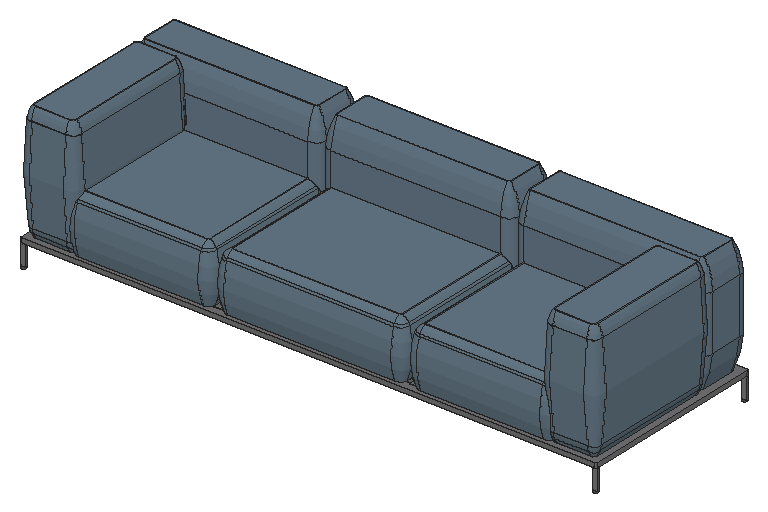
Revit family "Haworth_Mex-Hi_Sofa_Wide_TwoArms", category Furniture, Revit 2018
Family settings
  OmniClass Number = 23.40.70.14.64.21
  OmniClass Title = Systems Furniture
  Work Plane-Based = No
  Always vertical = Yes
  Cut with Voids When Loaded = No
  Shared = No
  Room Calculation Point = No
Parameters (values of type "Three Seat Sofa")
  Warranty = "http://www.haworth.com/resources/product-info/warranties"
  URL - Product = "https://www.haworth.com/na/en/products/lounge-sofas/ottomans/mex-hi-seating.html"
  URL = "https://www.haworth.com/na/en/about/brands/haworth-collection.html"
  Two Seats Wide = no
  Trim Finish = Haworth _ Polymer _ Black
  Three Seats Wide = not(Two Seats Wide)  # yes
  Sustainability Info = "https://www.haworth.com/na/en/expertise/sustainability.html"
  Size = "Verify Final Dim. w/ Haworth"  # constant formula
  Seat Upholstery Finish [instance] = Haworth _ Leather _ Scozia _ Oceano ES-342
  Revision Number = "1"  # constant formula
  Model = "HCCSMHL"  # constant formula
  Manufacturer = "Haworth"  # constant formula
  Description = "Haworth - Cassina - Mex-Hi - Sofa - With Two Arms - Wide Three Seat"
  Base Finish [instance] = Haworth _ Paint _ Matte Anthracite 69-ANT
  Back Upholstery Finish [instance] = Haworth _ Leather _ Scozia _ Oceano ES-342
  Author = "Haworth (Abd Rahman)"  # constant formula
  Assembly Code = "E2020200"
  Arm Finish [instance] = Haworth _ Leather _ Scozia _ Oceano ES-342
  Actual Width = if(Two Seats Wide, 86.60", 106.30")  # 106.30"
  Actual Height = 28.30"  # constant formula
  Actual Depth = 35.50"  # constant formula
Reference planes (in)
  plane 1: z = 0
  plane 2 "Center L/R": x = -6.11989
  plane 3 "Center F/B": y = -11.5
  plane 4 "Top": z = 28.3
  plane 5 "Back": y = 6.25
  plane 6 "Front": y = -29.25
  plane 7 "Right": x = 47.03011
  plane 8 "Left": x = -59.26989
  plane 9: x = -23.83656
  plane 10: x = 11.59677
  plane 11: z = 4.88189
Dimensions and locks (in)
  equal spacing: plane 8 "Left", plane 2 "Center L/R", plane 7 "Right"
  "Actual Width": plane 8 "Left" to plane 7 "Right"
  equal spacing: plane 5 "Back", plane 3 "Center F/B", plane 6 "Front"
  "Actual Depth": plane 5 "Back" to plane 6 "Front"
  "Actual Height": plane 4 "Top" to plane 1
  equal spacing: plane 8 "Left", plane 9, plane 10, plane 7 "Right"
  aligned and locked: nested 2 to plane 5 "Back"
  aligned and locked: plane 2 "Center L/R" to nested 9
  aligned and locked: plane 3 "Center F/B" to nested 9
  aligned and locked: plane 2 "Center L/R" to nested 1
  aligned and locked: plane 7 "Right" to nested 2
  aligned and locked: plane 8 "Left" to nested 3
  aligned and locked: nested 4 to plane 2 "Center L/R"
  aligned and locked: plane 7 "Right" to nested 6
  aligned and locked: plane 8 "Left" to nested 7
  aligned and locked: plane 2 "Center L/R" to nested 11
  aligned and locked: plane 2 "Center L/R" to nested 10
  aligned and locked: plane 7 "Right" to nested 12
  aligned and locked: plane 8 "Left" to nested 13
  aligned and locked: plane 5 "Back" to nested 13
  aligned and locked: nested 12 to plane 5 "Back"
  aligned and locked: plane 9 to nested 8
  aligned and locked: plane 10 to nested 5
  aligned and locked: nested 9 to plane 11
  aligned and locked: nested 3 to plane 11
  aligned and locked: nested 13 to plane 11
  aligned and locked: nested 4 to plane 11
  aligned and locked: plane 11 to nested 12
  aligned and locked: plane 11 to nested 2
  aligned and locked: nested 7 to plane 11
  aligned and locked: plane 11 to nested 8
  aligned and locked: plane 11 to nested 10
  aligned and locked: plane 11 to nested 1
  aligned and locked: plane 11 to nested 11
  aligned and locked: plane 11 to nested 5
  aligned and locked: plane 11 to nested 6
Nested families (in)
  nested 1: "Haworth_Mex-Hi_Sofa_Seat-Wide-PART" at (0, -3.81934, 0), Seat Upholstery Finish <- "Seat Upholstery Finish", visible <- "Three Seats Wide", type "Seat Wide - PART - Middle - Small"
    with Seat Upholstery Finish Haworth _ Leather _ Scozia _ Oceano ES-342, Peninsula Seat no, Middle Large Seat no
  nested 2: "Haworth_Mex-Hi_Sofa_Back-Wide-PART" at (35.78887, 9.90612, -0.04956), Back Upholstery Finish <- "Back Upholstery Finish", visible <- "Three Seats Wide", type "Back Wide - PART - Small"
    with Back Upholstery Finish Haworth _ Leather _ Scozia _ Oceano ES-342, Extra Small no
  nested 3: "Haworth_Mex-Hi_Sofa_Back-Wide-PART" at (-48.02865, 9.90612, -0.04956) x (-1, 0, 0) z (0, 0, 1), Back Upholstery Finish <- "Back Upholstery Finish", visible <- "Three Seats Wide", type "Back Wide - PART - Small"
    with Back Upholstery Finish Haworth _ Leather _ Scozia _ Oceano ES-342, Extra Small no
  nested 4: "Haworth_Mex-Hi_Sofa_Back-Wide-PART" at (-12.59365, 9.90612, -0.04956) x (-1, 0, 0) z (0, 0, 1), Back Upholstery Finish <- "Back Upholstery Finish", visible <- "Three Seats Wide", type "Back Wide - PART - Small"
    with Back Upholstery Finish Haworth _ Leather _ Scozia _ Oceano ES-342, Extra Small no
  nested 5: "Haworth_Mex-Hi_Sofa_Seat-Wide-PART" at (31.39794, -3.81836, 0), Seat Upholstery Finish <- "Seat Upholstery Finish", visible <- "Three Seats Wide", type "Seat Wide - PART - L/R"
    with Seat Upholstery Finish Haworth _ Leather _ Scozia _ Oceano ES-342, Peninsula Seat no, Middle Small Seat no, Middle Large Seat no, L/R Seat yes
  nested 6: "Haworth_Mex-Hi_Sofa_Arm-Wide-PART" at (48.59704, -6.3526, -0.04956), Arm Finish <- "Arm Finish", type "Arm Wide - PART"
    with Arm Finish Haworth _ Leather _ Scozia _ Oceano ES-342
  nested 7: "Haworth_Mex-Hi_Sofa_Arm-Wide-PART" at (-60.83683, -6.3526, -0.04956) x (-1, 0, 0) z (0, 0, 1), Arm Finish <- "Arm Finish", type "Arm Wide - PART"
    with Arm Finish Haworth _ Leather _ Scozia _ Oceano ES-342
  nested 8: "Haworth_Mex-Hi_Sofa_Seat-Wide-PART" at (-31.39794, -3.81836, 0), Seat Upholstery Finish <- "Seat Upholstery Finish", visible <- "Three Seats Wide", type "Seat Wide - PART - L/R"
    with Seat Upholstery Finish Haworth _ Leather _ Scozia _ Oceano ES-342, Peninsula Seat no, Middle Small Seat no, Middle Large Seat no, L/R Seat yes
  nested 9: "Haworth_Mex-Hi_Sofa_Base-PART" at (0, 0, 0), Base Finish <- "Base Finish", type "Base - PART"
    with Base Finish Haworth _ Paint _ Matte Anthracite 69-ANT, Two Seats no
  nested 10: "Haworth_Mex-Hi_Sofa_Seat-Wide-PART" at (-17.84961, -3.81836, 0), visible <- "Two Seats Wide", Seat Upholstery Finish <- "Seat Upholstery Finish", type "Seat Wide - PART - Middle - Small"
    with Seat Upholstery Finish Haworth _ Leather _ Scozia _ Oceano ES-342, Peninsula Seat no, Middle Large Seat no
  nested 11: "Haworth_Mex-Hi_Sofa_Seat-Wide-PART" at (17.84961, -3.81836, 0), visible <- "Two Seats Wide", Seat Upholstery Finish <- "Seat Upholstery Finish", type "Seat Wide - PART - Middle - Small"
    with Seat Upholstery Finish Haworth _ Leather _ Scozia _ Oceano ES-342, Peninsula Seat no, Middle Large Seat no
  nested 12: "Haworth_Mex-Hi_Sofa_Back-Wide-PART" at (35.78887, 9.90612, -0.04956), visible <- "Two Seats Wide", Back Upholstery Finish <- "Back Upholstery Finish", type "Back Wide - PART - Large"
    with Back Upholstery Finish Haworth _ Leather _ Scozia _ Oceano ES-342, Extra Small no
  nested 13: "Haworth_Mex-Hi_Sofa_Back-Wide-PART" at (-48.02865, 9.90612, -0.04956) x (-1, 0, 0) z (0, 0, 1), visible <- "Two Seats Wide", Back Upholstery Finish <- "Back Upholstery Finish", type "Back Wide - PART - Large"
    with Back Upholstery Finish Haworth _ Leather _ Scozia _ Oceano ES-342, Extra Small no
Definition of nested family "Haworth_Mex-Hi_Sofa_Seat-Wide-PART"
  Parameters (values of type "Seat Wide - PART")
    Warranty = "http://www.haworth.com/resources/product-info/warranties"
    URL - Product = "https://www.haworth.com/na/en/products/lounge-sofas/ottomans/mex-hi-seating.html"
    URL = "https://www.haworth.com/na/en/about/brands/haworth-collection.html"
    Sustainability Info = "https://www.haworth.com/na/en/expertise/sustainability.html"
    Size = "Verify Final Dim. w/ Haworth"  # constant formula
    Seat Upholstery Finish [instance] = none
    Seat Height = 17.00"  # constant formula
    Revision Number = "1"  # constant formula
    Peninsula Seat = yes
    Model = "Haworth - Cassina - Mex-Hi"  # constant formula
    Middle Small Seat = yes
    Middle Large Seat = yes
    Manufacturer = "Haworth"  # constant formula
    L/R Seat = no
    Description = "Haworth - Cassina - Mex-Hi - Seat - Wide - PART"  # constant formula
    Author = "Haworth (Abd Rahman)"  # constant formula
    Assembly Code = "E2020200"
    Actual Width = 35.69922"  # constant formula
    Actual Height = 27.39844"  # constant formula
    Actual Depth = 28.80078"  # constant formula
  Reference planes (in)
    plane 1: z = 0
    plane 2 "Center L/R": x = -6.11989
    plane 3 "Center F/B": y = -11.5
    plane 4 "Top": z = 27.39844
    plane 5 "Back": y = 2.90039
    plane 6 "Front": y = -25.90039
    plane 7 "Right": x = 11.72972
    plane 8 "Left": x = -23.9695
    plane 9: z = 17
    plane 10: x = 21.18638
    plane 11: x = -30.55117
    plane 12: x = -28.42172
    plane 13: x = 16.11448
    plane 14: x = -19.80117
    plane 15: x = 7.56138
  Forms (in)
    Extrusion 1, solid, material <- "Seat Upholstery Finish", visible <- "Middle Small Seat"
      sketch origin (4.78944, 14.72405, 0) x (1, 0, 0) y (0, 1, 0)
        loop
          arc (4.64853, -14.53597) -> (4.58765, -14.38899) -> (4.44067, -14.32811) r 0.20787
          line (4.44067, -14.32811) -> (-26.25933, -14.32811)
          arc (-26.25933, -14.32811) -> (-26.40632, -14.38899) -> (-26.4672, -14.53597) r 0.20787
          line (-26.4672, -14.53597) -> (-26.4672, -37.69252)
          arc (-26.4672, -37.69252) -> (-26.40632, -37.83951) -> (-26.25933, -37.90039) r 0.20787
          line (-26.25933, -37.90039) -> (4.44067, -37.90039)
          arc (4.44067, -37.90039) -> (4.58765, -37.83951) -> (4.64853, -37.69252) r 0.20787
          line (4.64853, -37.69252) -> (4.64853, -14.53597)
      from 4.88189 to 15.36974
    Sweep 2, solid, material <- "Seat Upholstery Finish", visible <- "Middle Small Seat"
      path origin (4.78944, 14.72405, 0) x (1, 0, 0) y (0, 1, 0)
        loop
          arc (4.44067, -39.44252) -> (5.6781, -38.92996) -> (6.19067, -37.69252) r 1.75
          line (6.19067, -37.69252) -> (6.19067, -14.53597)
          arc (6.19067, -14.53597) -> (5.6781, -13.29854) -> (4.44067, -12.78597) r 1.75
          line (4.44067, -12.78597) -> (-26.25933, -12.78597)
          arc (-26.25933, -12.78597) -> (-27.49677, -13.29854) -> (-28.00933, -14.53597) r 1.75
          line (-28.00933, -14.53597) -> (-28.00933, -37.69252)
          arc (-28.00933, -37.69252) -> (-27.49677, -38.92996) -> (-26.25933, -39.44252) r 1.75
          line (-26.25933, -39.44252) -> (4.44067, -39.44252)
      profile origin (-6.11989, -24.71848, 0) x (0, -1, 0) y (0, 0, 1)
        loop
          arc (-0.11034, 13.92822) -> (-0.19803, 14.13034) -> (-0.31579, 14.31655) r 1.42697
          arc (-0.31579, 14.31655) -> (-0.8708, 14.91087) -> (-1.54213, 15.36974) r 3.70331
          line (-1.54213, 15.36974) -> (-1.54213, 4.88189) -> (-0.41268, 4.88189)
          arc (-0.41268, 4.88189) -> (0.57441, 9.37712) -> (-0.11034, 13.92822) r 12.66244
    Extrusion 3, solid, material <- "Seat Upholstery Finish", visible <- "L/R Seat"
      sketch origin (4.35194, 14.72405, 0) x (1, 0, 0) y (0, 1, 0)
        loop
          arc (0.87817, -37.90039) -> (1.02515, -37.83951) -> (1.08603, -37.69252) r 0.20787
          line (1.08603, -37.69252) -> (1.08603, -14.53597)
          arc (1.08603, -14.53597) -> (1.02515, -14.38899) -> (0.87817, -14.32811) r 0.20787
          line (0.87817, -14.32811) -> (-21.82183, -14.32811)
          arc (-21.82183, -14.32811) -> (-21.96882, -14.38899) -> (-22.0297, -14.53597) r 0.20787
          line (-22.0297, -14.53597) -> (-22.0297, -37.69252)
          arc (-22.0297, -37.69252) -> (-21.96882, -37.83951) -> (-21.82183, -37.90039) r 0.20787
          line (-21.82183, -37.90039) -> (0.87817, -37.90039)
      from 4.88189 to 15.36974
    Sweep 4, solid, material <- "Seat Upholstery Finish", visible <- "L/R Seat"
      path origin (4.35194, 14.72405, 0) x (1, 0, 0) y (0, 1, 0)
        loop
          arc (0.87817, -39.44252) -> (2.1156, -38.92996) -> (2.62817, -37.69252) r 1.75
          line (2.62817, -37.69252) -> (2.62817, -14.53597)
          arc (2.62817, -14.53597) -> (2.1156, -13.29854) -> (0.87817, -12.78597) r 1.75
          line (0.87817, -12.78597) -> (-21.82183, -12.78597)
          arc (-21.82183, -12.78597) -> (-23.05927, -13.29854) -> (-23.57183, -14.53597) r 1.75
          line (-23.57183, -14.53597) -> (-23.57183, -37.69252)
          arc (-23.57183, -37.69252) -> (-23.05927, -38.92996) -> (-21.82183, -39.44252) r 1.75
          line (-21.82183, -39.44252) -> (0.87817, -39.44252)
      profile origin (-6.11989, -24.71848, 0) x (0, -1, 0) y (0, 0, 1)
        loop
          arc (-0.11034, 13.92822) -> (-0.19803, 14.13034) -> (-0.31579, 14.31655) r 1.42697
          arc (-0.31579, 14.31655) -> (-0.8708, 14.91087) -> (-1.54213, 15.36974) r 3.70331
          line (-1.54213, 15.36974) -> (-1.54213, 4.88189) -> (-0.41268, 4.88189)
          arc (-0.41268, 4.88189) -> (0.57441, 9.37712) -> (-0.11034, 13.92822) r 12.66244
    Sweep 5, solid, material <- "Seat Upholstery Finish", visible <- "Peninsula Seat"
      path origin (4.53944, 14.72405, 0) x (1, 0, 0) y (0, 1, 0)
        loop
          arc (14.30963, -39.44252) -> (15.54706, -38.92996) -> (16.05963, -37.69252) r 1.75
          line (16.05963, -37.69252) -> (16.05963, -6.28597)
          arc (16.05963, -6.28597) -> (15.54706, -5.04854) -> (14.30963, -4.53597) r 1.75
          line (14.30963, -4.53597) -> (2.57093, -4.53597)
          arc (2.57093, -4.53597) -> (1.33349, -5.04854) -> (0.82093, -6.28597) r 1.75
          line (0.82093, -6.28597) -> (0.82093, -15.03597) -> (-32.75329, -15.03597)
          arc (-32.75329, -15.03597) -> (-33.99073, -15.54854) -> (-34.50329, -16.78597) r 1.75
          line (-34.50329, -16.78597) -> (-34.50329, -37.69252)
          arc (-34.50329, -37.69252) -> (-33.99073, -38.92996) -> (-32.75329, -39.44252) r 1.75
          line (-32.75329, -39.44252) -> (14.30963, -39.44252)
      profile origin (-4.68239, -24.71848, 0) x (0, -1, 0) y (0, 0, 1)
        loop
          arc (-0.11034, 13.92822) -> (-0.19803, 14.13034) -> (-0.31579, 14.31655) r 1.42697
          arc (-0.31579, 14.31655) -> (-0.8708, 14.91087) -> (-1.54213, 15.36974) r 3.70331
          line (-1.54213, 15.36974) -> (-1.54213, 4.88189) -> (-0.41268, 4.88189)
          arc (-0.41268, 4.88189) -> (0.57441, 9.37712) -> (-0.11034, 13.92822) r 12.66244
    Extrusion 6, solid, material <- "Seat Upholstery Finish", visible <- "Peninsula Seat"
      sketch origin (0, 0, 0) x (1, 0, 0) y (0, 1, 0)
        loop
          arc (-28.42172, -22.96848) -> (-28.36084, -23.11546) -> (-28.21385, -23.17634) r 0.20787
          line (-28.21385, -23.17634) -> (18.84907, -23.17634)
          arc (18.84907, -23.17634) -> (18.99605, -23.11546) -> (19.05693, -22.96848) r 0.20787
          line (19.05693, -22.96848) -> (19.05693, 8.43807)
          arc (19.05693, 8.43807) -> (18.99605, 8.58506) -> (18.84907, 8.64594) r 0.20787
          line (18.84907, 8.64594) -> (7.11037, 8.64594)
          arc (7.11037, 8.64594) -> (6.96338, 8.58506) -> (6.9025, 8.43807) r 0.20787
          line (6.9025, 8.43807) -> (6.9025, -1.85406) -> (-28.21385, -1.85406)
          arc (-28.21385, -1.85406) -> (-28.36084, -1.91494) -> (-28.42172, -2.06193) r 0.20787
          line (-28.42172, -2.06193) -> (-28.42172, -22.96848)
      from 4.88189 to 15.36974
    Sweep 7, solid, material <- "Seat Upholstery Finish", visible <- "Middle Large Seat"
      path origin (4.78944, 14.72405, 0) x (1, 0, 0) y (0, 1, 0)
        loop
          arc (8.99067, -39.44252) -> (10.2281, -38.92996) -> (10.74067, -37.69252) r 1.75
          line (10.74067, -37.69252) -> (10.74067, -14.53597)
          arc (10.74067, -14.53597) -> (10.2281, -13.29854) -> (8.99067, -12.78597) r 1.75
          line (8.99067, -12.78597) -> (-30.80933, -12.78597)
          arc (-30.80933, -12.78597) -> (-32.04677, -13.29854) -> (-32.55933, -14.53597) r 1.75
          line (-32.55933, -14.53597) -> (-32.55933, -37.69252)
          arc (-32.55933, -37.69252) -> (-32.04677, -38.92996) -> (-30.80933, -39.44252) r 1.75
          line (-30.80933, -39.44252) -> (8.99067, -39.44252)
      profile origin (-6.11989, -24.71848, 0) x (0, -1, 0) y (0, 0, 1)
        loop
          arc (-0.11034, 13.92822) -> (-0.19803, 14.13034) -> (-0.31579, 14.31655) r 1.42697
          arc (-0.31579, 14.31655) -> (-0.8708, 14.91087) -> (-1.54213, 15.36974) r 3.70331
          line (-1.54213, 15.36974) -> (-1.54213, 4.88189) -> (-0.41268, 4.88189)
          arc (-0.41268, 4.88189) -> (0.57441, 9.37712) -> (-0.11034, 13.92822) r 12.66244
    Extrusion 8, solid, material <- "Seat Upholstery Finish", visible <- "Middle Large Seat"
      sketch origin (4.78944, 14.97405, 0) x (1, 0, 0) y (0, 1, 0)
        loop
          arc (9.19853, -14.53597) -> (9.13765, -14.38899) -> (8.99067, -14.32811) r 0.20787
          line (8.99067, -14.32811) -> (-30.80933, -14.32811)
          arc (-30.80933, -14.32811) -> (-30.95632, -14.38899) -> (-31.0172, -14.53597) r 0.20787
          line (-31.0172, -14.53597) -> (-31.0172, -37.69252)
          arc (-31.0172, -37.69252) -> (-30.95632, -37.83951) -> (-30.80933, -37.90039) r 0.20787
          line (-30.80933, -37.90039) -> (8.99067, -37.90039)
          arc (8.99067, -37.90039) -> (9.13765, -37.83951) -> (9.19853, -37.69252) r 0.20787
          line (9.19853, -37.69252) -> (9.19853, -14.53597)
      from 4.88189 to 15.36974
  Lines and regions (in)
    Masking region 1, visible <- "Middle Small Seat"
      outline origin (0, 0, 0) x (1, 0, 0) y (0, 1, 0)
        loop
          line (-23.80117, 0.15039) -> (-23.80117, -22.93079)
          arc (-23.80117, -22.93079) -> (-23.06894, -24.69856) -> (-21.30117, -25.43079) r 2.5
          line (-21.30117, -25.43079) -> (9.06138, -25.43079)
          arc (9.06138, -25.43079) -> (10.82915, -24.69856) -> (11.56138, -22.93079) r 2.5
          line (11.56138, -22.93079) -> (11.56138, 0.15039)
          arc (11.56138, 0.15039) -> (10.82915, 1.91816) -> (9.06138, 2.65039) r 2.5
          line (9.06138, 2.65039) -> (-21.30117, 2.65039)
          arc (-21.30117, 2.65039) -> (-23.06894, 1.91816) -> (-23.80117, 0.15039) r 2.5
    Masking region 2, visible <- "L/R Seat"
      outline origin (0, 0, 0) x (1, 0, 0) y (0, 1, 0)
        loop
          line (-19.80117, 0.15039) -> (-19.80117, -22.93079)
          arc (-19.80117, -22.93079) -> (-19.06894, -24.69856) -> (-17.30117, -25.43079) r 2.5
          line (-17.30117, -25.43079) -> (5.06138, -25.43079)
          arc (5.06138, -25.43079) -> (6.82915, -24.69856) -> (7.56138, -22.93079) r 2.5
          line (7.56138, -22.93079) -> (7.56138, 0.15039)
          arc (7.56138, 0.15039) -> (6.82915, 1.91816) -> (5.06138, 2.65039) r 2.5
          line (5.06138, 2.65039) -> (-17.30117, 2.65039)
          arc (-17.30117, 2.65039) -> (-19.06894, 1.91816) -> (-19.80117, 0.15039) r 2.5
    Masking region 3, visible <- "Peninsula Seat"
      outline origin (0, 0, 0) x (1, 0, 0) y (0, 1, 0)
        loop
          line (4.77305, 0.27539) -> (-28.30117, 0.27539)
          arc (-28.30117, 0.27539) -> (-29.89216, -0.38362) -> (-30.55117, -1.97461) r 2.25
          line (-30.55117, -1.97461) -> (-30.55117, -23.05579)
          arc (-30.55117, -23.05579) -> (-29.89216, -24.64678) -> (-28.30117, -25.30579) r 2.25
          line (-28.30117, -25.30579) -> (18.93638, -25.30579)
          arc (18.93638, -25.30579) -> (20.52737, -24.64678) -> (21.18638, -23.05579) r 2.25
          line (21.18638, -23.05579) -> (21.18638, 8.52539)
          arc (21.18638, 8.52539) -> (20.52737, 10.11638) -> (18.93638, 10.77539) r 2.25
          line (18.93638, 10.77539) -> (7.02305, 10.77539)
          arc (7.02305, 10.77539) -> (5.43206, 10.11638) -> (4.77305, 8.52539) r 2.25
          line (4.77305, 8.52539) -> (4.77305, 0.27539)
    Masking region 4, visible <- "Middle Large Seat"
      outline origin (0, 0, 0) x (1, 0, 0) y (0, 1, 0)
        loop
          line (-28.42172, 0.15039) -> (-28.42172, -22.93079)
          arc (-28.42172, -22.93079) -> (-27.68949, -24.69856) -> (-25.92172, -25.43079) r 2.5
          line (-25.92172, -25.43079) -> (13.61448, -25.43079)
          arc (13.61448, -25.43079) -> (15.38225, -24.69856) -> (16.11448, -22.93079) r 2.5
          line (16.11448, -22.93079) -> (16.11448, 0.15039)
          arc (16.11448, 0.15039) -> (15.38225, 1.91816) -> (13.61448, 2.65039) r 2.5
          line (13.61448, 2.65039) -> (-25.92172, 2.65039)
          arc (-25.92172, 2.65039) -> (-27.68949, 1.91816) -> (-28.42172, 0.15039) r 2.5
  Dimensions and locks (in)
    equal spacing: plane 8 "Left", plane 2 "Center L/R", plane 7 "Right"
    "Actual Width": plane 8 "Left" to plane 7 "Right"
    equal spacing: plane 5 "Back", plane 3 "Center F/B", plane 6 "Front"
    "Actual Depth": plane 5 "Back" to plane 6 "Front"
    "Actual Height": plane 4 "Top" to plane 1
    "Seat Height": plane 9 to level
    aligned and locked: Sweep 7 to Extrusion 8 sketch curve
    aligned and locked: Extrusion 8 sketch curve to Sweep 7
  Automatic sketch dimensions
    plane 8 "Left" to Extrusion 1 sketch curve = 2.29174"
    Extrusion 1 sketch curve to Extrusion 1 sketch curve = 0.20787"  (x3)
    Extrusion 1 sketch curve to plane 7 "Right" = 2.49961"  (x2)
    plane 6 "Front" to Extrusion 1 sketch curve = 2.72405"
    Extrusion 1 sketch curve to plane 5 "Back" = 2.71232"
    plane 8 "Left" to Sweep 2 sketch curve = 0.74961"
    Sweep 2 sketch curve to plane 5 "Back" = 0.96232"
    Sweep 2 sketch curve to Sweep 2 sketch curve = 1.75"  (x2)
    plane 6 "Front" to Sweep 2 sketch curve = 1.18191"
    Sweep 2 sketch curve to plane 7 "Right" = 2.49961"  (x2)
    Sweep 2 sketch curve to plane 7 "Right" = 0.74961"
    profile plane to Sweep 2 sketch curve = 12.08096"
    profile plane to Sweep 2 sketch curve = 3.28358"
    profile plane to Sweep 2 sketch curve = 1.54213"
    profile plane to Sweep 2 sketch curve = 1.45935"
    profile plane to Sweep 2 sketch curve = 0.41268"
    level to Sweep 2 sketch curve = 4.88189"
    level to Sweep 2 sketch curve = 9.80008"
    Sweep 2 sketch curve to Sweep 2 sketch curve = 7.21954"
    Sweep 2 sketch curve to Sweep 2 sketch curve = 1.36158"
    Sweep 2 sketch curve to Sweep 2 sketch curve = 1.90673"
    Sweep 2 sketch curve to Sweep 2 sketch curve = 0.00"
    plane 6 "Front" to Extrusion 3 sketch curve = 2.93191"  (x2)
    plane 8 "Left" to Extrusion 3 sketch curve = 6.29174"
    Extrusion 3 sketch curve to Extrusion 3 sketch curve = 0.20787"  (x2)
    Extrusion 3 sketch curve to plane 5 "Back" = 2.71232"
    Extrusion 3 sketch curve to plane 7 "Right" = 6.49961"  (x2)
    plane 8 "Left" to Sweep 4 sketch curve = 4.74961"
    Sweep 4 sketch curve to plane 5 "Back" = 0.96232"
    Sweep 4 sketch curve to Sweep 4 sketch curve = 1.75"  (x3)
    plane 6 "Front" to Sweep 4 sketch curve = 1.18191"
    plane 6 "Front" to Sweep 4 sketch curve = 2.93191"
    Sweep 4 sketch curve to plane 7 "Right" = 6.49961"
    profile plane to Sweep 4 sketch curve = 12.08096"
    profile plane to Sweep 4 sketch curve = 3.28358"
    profile plane to Sweep 4 sketch curve = 1.54213"
    profile plane to Sweep 4 sketch curve = 1.45935"
    profile plane to Sweep 4 sketch curve = 0.41268"
    level to Sweep 4 sketch curve = 4.88189"
    level to Sweep 4 sketch curve = 9.80008"
    Sweep 4 sketch curve to Sweep 4 sketch curve = 7.21954"
    Sweep 4 sketch curve to Sweep 4 sketch curve = 1.36158"
    Sweep 4 sketch curve to Sweep 4 sketch curve = 1.90673"
    Sweep 4 sketch curve to Sweep 4 sketch curve = 0.00"
    plane 8 "Left" to Masking region 1 sketch curve = 0.16833"
    plane 6 "Front" to Masking region 1 sketch curve = 0.4696"
    plane 8 "Left" to Masking region 1 sketch curve = 2.66833"
    Masking region 1 sketch curve to Masking region 1 sketch curve = 2.50"
    Masking region 1 sketch curve to plane 5 "Back" = 0.25"
    Masking region 1 sketch curve to plane 7 "Right" = 2.66833"  (x2)
    Masking region 1 sketch curve to plane 7 "Right" = 0.16833"
    plane 8 "Left" to Masking region 2 sketch curve = 4.16833"
    Masking region 2 sketch curve to Masking region 2 sketch curve = 2.50"  (x3)
    Masking region 2 sketch curve to plane 5 "Back" = 0.25"
    Masking region 2 sketch curve to plane 7 "Right" = 6.66833"  (x2)
    plane 6 "Front" to Masking region 2 sketch curve = 0.4696"
    Sweep 5 sketch curve to plane 8 "Left" = 5.99435"
    Sweep 5 sketch curve to Sweep 5 sketch curve = 1.75"  (x4)
    Sweep 5 sketch curve to plane 7 "Right" = 6.36935"
    plane 7 "Right" to Sweep 5 sketch curve = 7.11935"  (x2)
    plane 6 "Front" to Sweep 5 sketch curve = 2.93191"
    Sweep 5 sketch curve to plane 5 "Back" = 4.96232"
    plane 5 "Back" to Sweep 5 sketch curve = 5.53768"
    profile plane to Sweep 5 sketch curve = 12.08096"
    profile plane to Sweep 5 sketch curve = 3.28358"
    profile plane to Sweep 5 sketch curve = 1.54213"
    profile plane to Sweep 5 sketch curve = 1.45935"
    profile plane to Sweep 5 sketch curve = 0.41268"
    level to Sweep 5 sketch curve = 4.88189"
    level to Sweep 5 sketch curve = 9.80008"
    Sweep 5 sketch curve to Sweep 5 sketch curve = 7.21954"
    Sweep 5 sketch curve to Sweep 5 sketch curve = 1.36158"
    Sweep 5 sketch curve to Sweep 5 sketch curve = 1.90673"
    Sweep 5 sketch curve to Sweep 5 sketch curve = 0.00"
    Extrusion 6 sketch curve to plane 8 "Left" = 4.45222"
    Extrusion 6 sketch curve to Extrusion 6 sketch curve = 0.20787"  (x4)
    Extrusion 6 sketch curve to plane 7 "Right" = 4.82722"
    plane 6 "Front" to Extrusion 6 sketch curve = 2.72405"
    plane 7 "Right" to Extrusion 6 sketch curve = 7.11935"  (x2)
    Extrusion 6 sketch curve to plane 5 "Back" = 4.96232"
    plane 5 "Back" to Extrusion 6 sketch curve = 5.53768"
    Masking region 3 sketch curve to plane 8 "Left" = 6.58167"
    plane 6 "Front" to Masking region 3 sketch curve = 0.5946"
    Masking region 3 sketch curve to Masking region 3 sketch curve = 2.25"  (x4)
    Masking region 3 sketch curve to plane 5 "Back" = 2.625"
    Masking region 3 sketch curve to plane 7 "Right" = 6.95667"
    plane 7 "Right" to Masking region 3 sketch curve = 7.20667"  (x2)
    plane 5 "Back" to Masking region 3 sketch curve = 5.625"
    Sweep 7 sketch curve to plane 8 "Left" = 3.80039"
    Sweep 7 sketch curve to plane 5 "Back" = 0.96232"
    Sweep 7 sketch curve to plane 8 "Left" = 2.05039"  (x2)
    plane 6 "Front" to Sweep 7 sketch curve = 1.18191"
    plane 7 "Right" to Sweep 7 sketch curve = 2.05039"  (x2)
    Sweep 7 sketch curve to Sweep 7 sketch curve = 1.75"
    profile plane to Sweep 7 sketch curve = 12.08096"
    profile plane to Sweep 7 sketch curve = 3.28358"
    profile plane to Sweep 7 sketch curve = 1.54213"
    profile plane to Sweep 7 sketch curve = 1.45935"
    profile plane to Sweep 7 sketch curve = 0.41268"
    level to Sweep 7 sketch curve = 4.88189"
    level to Sweep 7 sketch curve = 9.80008"
    Sweep 7 sketch curve to Sweep 7 sketch curve = 7.21954"
    Sweep 7 sketch curve to Sweep 7 sketch curve = 1.36158"
    Sweep 7 sketch curve to Sweep 7 sketch curve = 1.90673"
    Sweep 7 sketch curve to Sweep 7 sketch curve = 0.00"
    Extrusion 8 sketch curve to Extrusion 8 sketch curve = 0.20787"  (x4)
    plane 6 "Front" to Extrusion 8 sketch curve = 2.97405"
    Extrusion 8 sketch curve to plane 5 "Back" = 2.46232"
    Masking region 4 sketch curve to plane 5 "Back" = 2.75"
    Masking region 4 sketch curve to plane 8 "Left" = 4.45222"
    plane 6 "Front" to Masking region 4 sketch curve = 0.4696"
    Masking region 4 sketch curve to plane 8 "Left" = 1.95222"  (x2)
    plane 7 "Right" to Masking region 4 sketch curve = 1.88477"  (x2)
    Masking region 4 sketch curve to Masking region 4 sketch curve = 2.50"
Definition of nested family "Haworth_Mex-Hi_Sofa_Back-Wide-PART"
  Parameters (values of type "Back Wide - PART - Small")
    Warranty = "http://www.haworth.com/resources/product-info/warranties"
    URL - Product = "https://www.haworth.com/na/en/products/lounge-sofas/ottomans/mex-hi-seating.html"
    URL = "https://www.haworth.com/na/en/about/brands/haworth-collection.html"
    Sustainability Info = "https://www.haworth.com/na/en/expertise/sustainability.html"
    Small = yes
    Size = "Verify Final Dim. w/ Haworth"  # constant formula
    Seat Height = 17.00"  # constant formula
    Revision Number = "1"  # constant formula
    Model = "Haworth - Cassina - Mex-Hi"  # constant formula
    Manufacturer = "Haworth"  # constant formula
    Large = no
    Extra Small = yes
    Description = "Haworth - Cassina - Mex-Hi - Back - Wide - PART"  # constant formula
    Back Upholstery Finish [instance] = none
    Author = "Haworth (Abd Rahman)"  # constant formula
    Assembly Code = "E2020200"
    Actual Width = 35.43"  # constant formula
    Actual Height = 27.39844"  # constant formula
    Actual Depth = 10.60"  # constant formula
  Types (2): name | Small | Large
    Back Wide - PART - Small | yes | no
    Back Wide - PART - Large | no | yes
  Reference planes (in)
    plane 1: z = 0
    plane 2 "Top": z = 27.39844
    plane 3: z = 17
    plane 4 "Right": x = 11.24124
    plane 5 "Left": x = -24.18876
    plane 6 "Center (Left/Right)": x = -6.47376
    plane 7 "Back": y = -3.65612
    plane 8 "Front": y = -14.25612
    plane 9 "Center (Front/Back)": y = -8.95612
    plane 10: x = -20.15376
    plane 11: x = 7.20624
  Forms (in)
    Extrusion 1, solid, material <- "Back Upholstery Finish", visible <- "Small"
      sketch origin (0, 0.1875, 0) x (1, 0, 0) y (0, 1, 0)
        loop
          line (-22.40055, -6.01823) -> (-22.40055, -12.26715)
          arc (-22.40055, -12.26715) -> (-22.28726, -12.54067) -> (-22.01374, -12.65397) r 0.38681
          line (-22.01374, -12.65397) -> (9.07786, -12.65397)
          arc (9.07786, -12.65397) -> (9.35138, -12.54067) -> (9.46468, -12.26715) r 0.38681
          line (9.46468, -12.26715) -> (9.46468, -6.01823)
          arc (9.46468, -6.01823) -> (9.35138, -5.74471) -> (9.07786, -5.63141) r 0.38681
          line (9.07786, -5.63141) -> (-22.01374, -5.63141)
          arc (-22.01374, -5.63141) -> (-22.28726, -5.74471) -> (-22.40055, -6.01823) r 0.38681
      from 4.93145 to 26.69365
    Sweep 2, solid, material <- "Back Upholstery Finish", visible <- "Small"
      path origin (0, 0.1875, 0) x (1, 0, 0) y (0, 1, 0)
        loop
          arc (-22.01374, -5.51823) -> (-22.36729, -5.66467) -> (-22.51374, -6.01823) r 0.5
          line (-22.51374, -6.01823) -> (-22.51374, -12.26715)
          arc (-22.51374, -12.26715) -> (-22.36729, -12.62071) -> (-22.01374, -12.76715) r 0.5
          line (-22.01374, -12.76715) -> (9.07786, -12.76715)
          arc (9.07786, -12.76715) -> (9.43142, -12.62071) -> (9.57786, -12.26715) r 0.5
          line (9.57786, -12.26715) -> (9.57786, -6.01823)
          arc (9.57786, -6.01823) -> (9.43142, -5.66467) -> (9.07786, -5.51823) r 0.5
          line (9.07786, -5.51823) -> (-22.01374, -5.51823)
      profile origin (-6.46794, -5.33073, 0) x (0, 1, 0) y (0, 0, 1)
        loop
          arc (1.49021, 21.44568) -> (0.98441, 24.16007) -> (-0.11319, 26.69365) r 12.32019
          line (-0.11319, 26.69365) -> (-0.11319, 4.93145)
          arc (-0.11319, 4.93145) -> (0.96903, 7.99176) -> (1.49021, 11.19568) r 18.19442
          arc (1.49021, 11.19568) -> (1.67463, 16.32068) -> (1.49021, 21.44568) r 71.30597
    Sweep 3, solid, material <- "Back Upholstery Finish", visible <- "Large"
      path origin (0, 0.1875, 0) x (1, 0, 0) y (0, 1, 0)
        loop
          arc (-29.78736, -5.63141) -> (-30.14092, -5.77786) -> (-30.28736, -6.13141) r 0.5
          line (-30.28736, -6.13141) -> (-30.28736, -12.15397)
          arc (-30.28736, -12.15397) -> (-30.14092, -12.50752) -> (-29.78736, -12.65397) r 0.5
          line (-29.78736, -12.65397) -> (8.96468, -12.65397)
          arc (8.96468, -12.65397) -> (9.31823, -12.50752) -> (9.46468, -12.15397) r 0.5
          line (9.46468, -12.15397) -> (9.46468, -6.13141)
          arc (9.46468, -6.13141) -> (9.31823, -5.77786) -> (8.96468, -5.63141) r 0.5
          line (8.96468, -5.63141) -> (-29.78736, -5.63141)
      profile origin (-10.41134, -5.44391, 0) x (0, 1, 0) y (0, 0, 1)
        loop
          arc (1.49021, 21.44568) -> (0.98441, 24.16007) -> (-0.11319, 26.69365) r 12.32019
          line (-0.11319, 26.69365) -> (-0.11319, 4.93145)
          arc (-0.11319, 4.93145) -> (0.96903, 7.99176) -> (1.49021, 11.19568) r 18.19442
          arc (1.49021, 11.19568) -> (1.67463, 16.32068) -> (1.49021, 21.44568) r 71.30597
    Extrusion 4, solid, material <- "Back Upholstery Finish", visible <- "Large"
      sketch origin (0, 0.1875, 0) x (1, 0, 0) y (0, 1, 0)
        loop
          line (-30.17418, -6.13141) -> (-30.17418, -12.15397)
          arc (-30.17418, -12.15397) -> (-30.06088, -12.42749) -> (-29.78736, -12.54078) r 0.38681
          line (-29.78736, -12.54078) -> (8.96468, -12.54078)
          arc (8.96468, -12.54078) -> (9.2382, -12.42749) -> (9.35149, -12.15397) r 0.38681
          line (9.35149, -12.15397) -> (9.35149, -6.13141)
          arc (9.35149, -6.13141) -> (9.2382, -5.85789) -> (8.96468, -5.7446) r 0.38681
          line (8.96468, -5.7446) -> (-29.78736, -5.7446)
          arc (-29.78736, -5.7446) -> (-30.06088, -5.85789) -> (-30.17418, -6.13141) r 0.38681
      from 4.93145 to 26.69365
    Sweep 5, solid, material <- "Back Upholstery Finish", visible <- "Extra Small"
      path origin (0, 0.1875, 0) x (1, 0, 0) y (0, 1, 0)
        loop
          arc (-17.90376, -5.51823) -> (-18.25731, -5.66467) -> (-18.40376, -6.01823) r 0.5
          line (-18.40376, -6.01823) -> (-18.40376, -12.26715)
          arc (-18.40376, -12.26715) -> (-18.25731, -12.62071) -> (-17.90376, -12.76715) r 0.5
          line (-17.90376, -12.76715) -> (4.95624, -12.76715)
          arc (4.95624, -12.76715) -> (5.30979, -12.62071) -> (5.45624, -12.26715) r 0.5
          line (5.45624, -12.26715) -> (5.45624, -6.01823)
          arc (5.45624, -6.01823) -> (5.30979, -5.66467) -> (4.95624, -5.51823) r 0.5
          line (4.95624, -5.51823) -> (-17.90376, -5.51823)
      profile origin (-6.47376, -5.33073, 0) x (0, 1, 0) y (0, 0, 1)
        loop
          arc (1.49021, 21.44568) -> (0.98441, 24.16007) -> (-0.11319, 26.69365) r 12.32019
          line (-0.11319, 26.69365) -> (-0.11319, 4.93145)
          arc (-0.11319, 4.93145) -> (0.96903, 7.99176) -> (1.49021, 11.19568) r 18.19442
          arc (1.49021, 11.19568) -> (1.67463, 16.32068) -> (1.49021, 21.44568) r 71.30597
    Extrusion 6, solid, material <- "Back Upholstery Finish", visible <- "Extra Small"
      sketch origin (0, 0.1875, 0) x (1, 0, 0) y (0, 1, 0)
        loop
          line (-18.29057, -6.01823) -> (-18.29057, -12.26715)
          arc (-18.29057, -12.26715) -> (-18.17728, -12.54067) -> (-17.90376, -12.65397) r 0.38681
          line (-17.90376, -12.65397) -> (4.95624, -12.65397)
          arc (4.95624, -12.65397) -> (5.22976, -12.54067) -> (5.34306, -12.26715) r 0.38681
          line (5.34306, -12.26715) -> (5.34306, -6.01823)
          arc (5.34306, -6.01823) -> (5.22976, -5.74471) -> (4.95624, -5.63141) r 0.38681
          line (4.95624, -5.63141) -> (-17.90376, -5.63141)
          arc (-17.90376, -5.63141) -> (-18.17728, -5.74471) -> (-18.29057, -6.01823) r 0.38681
      from 4.93145 to 26.69365
  Lines and regions (in)
    Masking region 1, visible <- "Large"
      outline origin (0, 0, 0) x (1, 0, 0) y (0, 1, 0)
        loop
          line (-31.95339, -5.80612) -> (-31.95339, -12.10612)
          arc (-31.95339, -12.10612) -> (-31.32367, -13.6264) -> (-29.80339, -14.25612) r 2.15
          line (-29.80339, -14.25612) -> (9.0884, -14.25612)
          arc (9.0884, -14.25612) -> (10.61069, -13.62556) -> (11.24124, -12.10328) r 2.15284
          line (11.24124, -12.10328) -> (11.24124, -5.80612)
          arc (11.24124, -5.80612) -> (10.61152, -4.28584) -> (9.09124, -3.65612) r 2.15
          line (9.09124, -3.65612) -> (-29.80339, -3.65612)
          arc (-29.80339, -3.65612) -> (-31.32367, -4.28584) -> (-31.95339, -5.80612) r 2.15
    Masking region 2, visible <- "Small"
      outline origin (0, 0, 0) x (1, 0, 0) y (0, 1, 0)
        loop
          line (-24.18876, -5.80612) -> (-24.18876, -12.10612)
          arc (-24.18876, -12.10612) -> (-23.55904, -13.6264) -> (-22.03876, -14.25612) r 2.15
          line (-22.03876, -14.25612) -> (9.0884, -14.25612)
          arc (9.0884, -14.25612) -> (10.61069, -13.62556) -> (11.24124, -12.10328) r 2.15284
          line (11.24124, -12.10328) -> (11.24124, -5.80612)
          arc (11.24124, -5.80612) -> (10.61152, -4.28584) -> (9.09124, -3.65612) r 2.15
          line (9.09124, -3.65612) -> (-22.03876, -3.65612)
          arc (-22.03876, -3.65612) -> (-23.55904, -4.28584) -> (-24.18876, -5.80612) r 2.15
    Masking region 3, visible <- "Extra Small"
      outline origin (0, 0, 0) x (1, 0, 0) y (0, 1, 0)
        loop
          line (-20.15376, -5.80612) -> (-20.15376, -12.10612)
          arc (-20.15376, -12.10612) -> (-19.52404, -13.6264) -> (-18.00376, -14.25612) r 2.15
          line (-18.00376, -14.25612) -> (5.0534, -14.25612)
          arc (5.0534, -14.25612) -> (6.57569, -13.62556) -> (7.20624, -12.10328) r 2.15284
          line (7.20624, -12.10328) -> (7.20624, -5.80612)
          arc (7.20624, -5.80612) -> (6.57652, -4.28584) -> (5.05624, -3.65612) r 2.15
          line (5.05624, -3.65612) -> (-18.00376, -3.65612)
          arc (-18.00376, -3.65612) -> (-19.52404, -4.28584) -> (-20.15376, -5.80612) r 2.15
  Dimensions and locks (in)
    "Actual Height": plane 2 "Top" to plane 1
    "Seat Height": plane 3 to level
    equal spacing: plane 5 "Left", plane 6 "Center (Left/Right)", plane 4 "Right"
    "Actual Width": plane 5 "Left" to plane 4 "Right"
    equal spacing: plane 8 "Front", plane 9 "Center (Front/Back)", plane 7 "Back"
    "Actual Depth": plane 8 "Front" to plane 7 "Back"
    Masking region 3 sketch curve to plane 6 "Center (Left/Right)" to Masking region 3 sketch curve = 13.68", 13.68"
  Automatic sketch dimensions
    Extrusion 1 sketch curve to plane 5 "Left" = 1.78821"
    Extrusion 1 sketch curve to Extrusion 1 sketch curve = 0.38681"  (x3)
    Extrusion 1 sketch curve to plane 4 "Right" = 2.16338"  (x2)
    plane 8 "Front" to Extrusion 1 sketch curve = 1.78965"
    plane 7 "Back" to Extrusion 1 sketch curve = 2.17461"
    Sweep 2 sketch curve to plane 5 "Left" = 1.67502"
    Sweep 2 sketch curve to Sweep 2 sketch curve = 0.50"  (x3)
    Sweep 2 sketch curve to plane 4 "Right" = 2.16338"  (x2)
    plane 8 "Front" to Sweep 2 sketch curve = 1.67646"
    plane 7 "Back" to Sweep 2 sketch curve = 2.17461"
    level to Sweep 2 sketch curve = 16.32068"
    profile plane to Sweep 2 sketch curve = 69.63135"
    profile plane to Sweep 2 sketch curve = 16.65715"
    Sweep 2 sketch curve to Sweep 2 sketch curve = 5.85904"
    profile plane to Sweep 2 sketch curve = 0.11319"
    level to Sweep 2 sketch curve = 12.50337"
    level to Sweep 2 sketch curve = 4.93145"
    Sweep 2 sketch curve to Sweep 2 sketch curve = 8.05681"
    Sweep 2 sketch curve to Sweep 2 sketch curve = 6.13346"
    Sweep 2 sketch curve to Sweep 2 sketch curve = 0.00"
    Masking region 1 sketch curve to plane 8 "Front" = 0.00"
    plane 7 "Back" to Masking region 1 sketch curve = 0.00"
    Masking region 1 sketch curve to plane 4 "Right" = 0.00"
    Masking region 1 sketch curve to plane 4 "Right" = 2.15"
    Masking region 1 sketch curve to Masking region 1 sketch curve = 2.15284"
    plane 7 "Back" to Masking region 1 sketch curve = 2.15"
    plane 5 "Left" to Masking region 1 sketch curve = 5.61464"
    Masking region 1 sketch curve to Masking region 1 sketch curve = 2.15"
    plane 8 "Front" to Sweep 3 sketch curve = 2.28965"
    plane 5 "Left" to Sweep 3 sketch curve = 6.09861"
    Sweep 3 sketch curve to Sweep 3 sketch curve = 0.50"  (x3)
    Sweep 3 sketch curve to plane 4 "Right" = 2.27656"  (x2)
    plane 7 "Back" to Sweep 3 sketch curve = 2.2878"
    level to Sweep 3 sketch curve = 16.32068"
    profile plane to Sweep 3 sketch curve = 69.63135"
    profile plane to Sweep 3 sketch curve = 16.65715"
    Sweep 3 sketch curve to Sweep 3 sketch curve = 5.85904"
    profile plane to Sweep 3 sketch curve = 0.11319"
    level to Sweep 3 sketch curve = 12.50337"
    level to Sweep 3 sketch curve = 4.93145"
    Sweep 3 sketch curve to Sweep 3 sketch curve = 8.05681"
    Sweep 3 sketch curve to Sweep 3 sketch curve = 6.13346"
    Sweep 3 sketch curve to Sweep 3 sketch curve = 0.00"
    plane 7 "Back" to Extrusion 4 sketch curve = 2.2878"
    plane 5 "Left" to Extrusion 4 sketch curve = 5.98542"
    Extrusion 4 sketch curve to Extrusion 4 sketch curve = 0.38681"  (x3)
    Extrusion 4 sketch curve to plane 4 "Right" = 2.27656"  (x2)
    plane 8 "Front" to Extrusion 4 sketch curve = 2.28965"
    Masking region 2 sketch curve to plane 5 "Left" = 0.00"
    Masking region 2 sketch curve to plane 8 "Front" = 0.00"
    plane 7 "Back" to Masking region 2 sketch curve = 0.00"
    Masking region 2 sketch curve to plane 4 "Right" = 0.00"
    Masking region 2 sketch curve to plane 5 "Left" = 2.15"  (x2)
    Masking region 2 sketch curve to plane 4 "Right" = 2.15284"
    Masking region 2 sketch curve to Masking region 2 sketch curve = 2.15"
    Masking region 3 sketch curve to plane 8 "Front" = 0.00"
    plane 7 "Back" to Masking region 3 sketch curve = 0.00"
    plane 8 "Front" to Masking region 3 sketch curve = 2.15"
    Masking region 3 sketch curve to Masking region 3 sketch curve = 2.15"
    Masking region 3 sketch curve to Masking region 3 sketch curve = 2.15284"
    plane 7 "Back" to Masking region 3 sketch curve = 2.15"
    plane 8 "Front" to Sweep 5 sketch curve = 2.17646"  (x2)
    Sweep 5 sketch curve to plane 5 "Left" = 5.785"
    Sweep 5 sketch curve to Sweep 5 sketch curve = 0.50"  (x3)
    Sweep 5 sketch curve to plane 4 "Right" = 6.285"
    plane 7 "Back" to Sweep 5 sketch curve = 2.17461"
    level to Sweep 5 sketch curve = 16.32068"
    profile plane to Sweep 5 sketch curve = 69.63135"
    profile plane to Sweep 5 sketch curve = 16.65715"
    Sweep 5 sketch curve to Sweep 5 sketch curve = 5.85904"
    profile plane to Sweep 5 sketch curve = 0.11319"
    level to Sweep 5 sketch curve = 12.50337"
    level to Sweep 5 sketch curve = 4.93145"
    Sweep 5 sketch curve to Sweep 5 sketch curve = 8.05681"
    Sweep 5 sketch curve to Sweep 5 sketch curve = 6.13346"
    Sweep 5 sketch curve to Sweep 5 sketch curve = 0.00"
    Extrusion 6 sketch curve to plane 5 "Left" = 5.89819"
    Extrusion 6 sketch curve to Extrusion 6 sketch curve = 0.38681"  (x3)
    Extrusion 6 sketch curve to plane 4 "Right" = 6.285"  (x2)
    plane 8 "Front" to Extrusion 6 sketch curve = 1.78965"
    plane 7 "Back" to Extrusion 6 sketch curve = 2.17461"
Definition of nested family "Haworth_Mex-Hi_Sofa_Arm-Wide-PART"
  Parameters (values of type "Arm Wide - PART")
    Warranty = "http://www.haworth.com/resources/product-info/warranties"
    URL - Product = "https://www.haworth.com/na/en/products/lounge-sofas/ottomans/mex-hi-seating.html"
    URL = "https://www.haworth.com/na/en/about/brands/haworth-collection.html"
    Sustainability Info = "https://www.haworth.com/na/en/expertise/sustainability.html"
    Size = "Verify Final Dim. w/ Haworth"  # constant formula
    Seat Height = 17.00"  # constant formula
    Revision Number = "1"  # constant formula
    Model = "Haworth - Cassina - Mex-Hi"  # constant formula
    Manufacturer = "Haworth"  # constant formula
    Description = "Haworth - Cassina - Mex-Hi - Arm - Wide - PART"  # constant formula
    Author = "Haworth (Abd Rahman)"  # constant formula
    Assembly Code = "E2020200"
    Arm Finish [instance] = none
    Actual Width = 10.60"  # constant formula
    Actual Height = 27.39844"  # constant formula
    Actual Depth = 26.95"  # constant formula
  Reference planes (in)
    plane 1: z = 0
    plane 2 "Top": z = 27.39844
    plane 3: z = 17
    plane 4 "Center (Left/Right)": x = -6.86693
    plane 5 "Right": x = -1.56693
    plane 6 "Left": x = -12.16693
    plane 7 "Back": y = 4.0526
    plane 8 "Front": y = -22.8974
    plane 9 "Center (Front/Back)": y = -9.4224
  Forms (in)
    Extrusion 1, solid, material <- "Arm Finish"
      sketch origin (0.63191, -49.7521, 0) x (0, -1, 0) y (1, 0, 0)
        loop
          arc (-51.61789, -3.68512) -> (-52.10354, -3.88628) -> (-52.3047, -4.37193) r 0.68681
          line (-52.3047, -4.37193) -> (-52.3047, -10.62086)
          arc (-52.3047, -10.62086) -> (-52.10354, -11.10651) -> (-51.61789, -11.30768) r 0.68681
          line (-51.61789, -11.30768) -> (-29.02629, -11.30768)
          arc (-29.02629, -11.30768) -> (-28.54064, -11.10651) -> (-28.33948, -10.62086) r 0.68681
          line (-28.33948, -10.62086) -> (-28.33948, -4.37193)
          arc (-28.33948, -4.37193) -> (-28.54064, -3.88628) -> (-29.02629, -3.68512) r 0.68681
          line (-29.02629, -3.68512) -> (-51.61789, -3.68512)
      from 4.93145 to 26.69365
    Sweep 2, solid, material <- "Arm Finish"
      path origin (2.28007, -11.64795, 0) x (0, -1, 0) y (1, 0, 0)
        loop
          arc (-13.51374, -5.2201) -> (-14.07942, -5.45441) -> (-14.31374, -6.0201) r 0.8
          line (-14.31374, -6.0201) -> (-14.31374, -12.26903)
          arc (-14.31374, -12.26903) -> (-14.07942, -12.83471) -> (-13.51374, -13.06903) r 0.8
          line (-13.51374, -13.06903) -> (9.07287, -13.06903)
          arc (9.07287, -13.06903) -> (9.63856, -12.83471) -> (9.87287, -12.26903) r 0.8
          line (9.87287, -12.26903) -> (9.87287, -6.0201)
          arc (9.87287, -6.0201) -> (9.63856, -5.45441) -> (9.07287, -5.2201) r 0.8
          line (9.07287, -5.2201) -> (-13.51374, -5.2201)
      profile origin (-2.94003, -9.42752, 0) x (1, 0, 0) y (0, 0, 1)
        loop
          arc (-0.11319, 4.93145) -> (0.10629, 5.35475) -> (0.30664, 5.78743) r 10.67748
          arc (0.30664, 5.78743) -> (0.49657, 6.31175) -> (0.61822, 6.85598) r 4.37313
          arc (0.61822, 6.85598) -> (1.36933, 15.6991) -> (0.85457, 24.55912) r 62.21694
          arc (0.85457, 24.55912) -> (0.85037, 24.58806) -> (0.84533, 24.61687) r 1
          arc (0.84533, 24.61687) -> (0.49365, 25.71414) -> (-0.11319, 26.69365) r 4.72445
          line (-0.11319, 26.69365) -> (-0.11319, 4.93145)
  Lines and regions (in)
    Masking region 1
      outline origin (0, 0, 0) x (1, 0, 0) y (0, 1, 0)
        loop
          line (-3.71693, 4.0526) -> (-10.01693, 4.0526)
          arc (-10.01693, 4.0526) -> (-11.53721, 3.42288) -> (-12.16693, 1.9026) r 2.15
          line (-12.16693, 1.9026) -> (-12.16693, -20.74456)
          arc (-12.16693, -20.74456) -> (-11.53638, -22.26685) -> (-10.0141, -22.8974) r 2.15284
          line (-10.0141, -22.8974) -> (-3.71693, -22.8974)
          arc (-3.71693, -22.8974) -> (-2.19665, -22.26768) -> (-1.56693, -20.7474) r 2.15
          line (-1.56693, -20.7474) -> (-1.56693, 1.9026)
          arc (-1.56693, 1.9026) -> (-2.19665, 3.42288) -> (-3.71693, 4.0526) r 2.15
  Dimensions and locks (in)
    "Actual Height": plane 2 "Top" to plane 1
    "Seat Height": plane 3 to level
    equal spacing: plane 6 "Left", plane 4 "Center (Left/Right)", plane 5 "Right"
    "Actual Width": plane 6 "Left" to plane 5 "Right"
    equal spacing: plane 8 "Front", plane 9 "Center (Front/Back)", plane 7 "Back"
    "Actual Depth": plane 8 "Front" to plane 7 "Back"
  Automatic sketch dimensions
    Sweep 2 sketch curve to Sweep 2 sketch curve = 0.80"  (x3)
    Sweep 2 sketch curve to Sweep 2 sketch curve = 0.00"  (x4)
    Sweep 2 sketch curve to Sweep 2 sketch curve = 6.24893"
    level to Sweep 2 sketch curve = 16.52967"
    profile plane to Sweep 2 sketch curve = 60.84208"
    profile plane to Sweep 2 sketch curve = 9.48023"
    profile plane to Sweep 2 sketch curve = 3.79596"
    profile plane to Sweep 2 sketch curve = 3.70172"
    profile plane to Sweep 2 sketch curve = 0.13707"
    profile plane to Sweep 2 sketch curve = 0.11319"
    level to Sweep 2 sketch curve = 10.05658"
    Sweep 2 sketch curve to Sweep 2 sketch curve = 2.52065"
    Sweep 2 sketch curve to Sweep 2 sketch curve = 2.60448"
    Sweep 2 sketch curve to Sweep 2 sketch curve = 13.67773"
    Sweep 2 sketch curve to Sweep 2 sketch curve = 0.69575"
    Sweep 2 sketch curve to Sweep 2 sketch curve = 2.26359"
    Extrusion 1 sketch curve to Extrusion 1 sketch curve = 0.68681"  (x3)
    Extrusion 1 sketch curve to Extrusion 1 sketch curve = 22.5916"
    Extrusion 1 sketch curve to Extrusion 1 sketch curve = 0.00"
    Extrusion 1 sketch curve to Extrusion 1 sketch curve = 6.24893"
    plane 6 "Left" to Extrusion 1 sketch curve = 1.49116"
    plane 6 "Left" to Sweep 2 sketch curve = 1.37798"
    plane 7 "Back" to Extrusion 1 sketch curve = 1.50"
    plane 7 "Back" to Sweep 2 sketch curve = 1.38681"
    plane 8 "Front" to Sweep 2 sketch curve = 2.17657"
    Masking region 1 sketch curve to plane 6 "Left" = 0.00"
    plane 6 "Left" to Masking region 1 sketch curve = 2.15"
    plane 8 "Front" to Masking region 1 sketch curve = 2.15284"
    Masking region 1 sketch curve to Masking region 1 sketch curve = 2.15284"
    Masking region 1 sketch curve to plane 5 "Right" = 2.15"  (x2)
    Masking region 1 sketch curve to plane 5 "Right" = 0.00"
    plane 7 "Back" to Masking region 1 sketch curve = 2.15"
Definition of nested family "Haworth_Mex-Hi_Sofa_Base-PART"
  Parameters (values of type "Base - PART")
    Warranty = "http://www.haworth.com/resources/product-info/warranties"
    URL - Product = "https://www.haworth.com/na/en/products/lounge-sofas/ottomans/mex-hi-seating.html"
    URL = "https://www.haworth.com/na/en/about/brands/haworth-collection.html"
    Two Seats = yes
    Trim Finish = none
    Three Seats = yes
    Sustainability Info = "https://www.haworth.com/na/en/expertise/sustainability.html"
    Size = "Verify Final Dim. w/ Haworth"  # constant formula
    Revision Number = "1"  # constant formula
    Model = "Haworth - Cassina - Mex-Hi"  # constant formula
    Manufacturer = "Haworth"  # constant formula
    Description = "Haworth - Cassina - Mex-Hi - Sofa - Base - PART"  # constant formula
    Base Finish [instance] = none
    Author = "Haworth (Abd Rahman)"  # constant formula
    Assembly Code = "E2020200"
    Actual Width = 106.30"
    Actual Height = 28.30"  # constant formula
    Actual Depth = 35.50"
  Reference planes (in)
    plane 1: z = 0
    plane 2 "Center L/R": x = -6.11989
    plane 3 "Center F/B": y = -11.5
    plane 4 "Top": z = 28.3
    plane 5 "Back": y = 6.25
    plane 6 "Front": y = -29.25
    plane 7 "Right": x = 47.03011
    plane 8 "Left": x = -59.26989
    plane 9: x = 12.56121
    plane 10: x = 11.38011
    plane 11: x = -23.61989
    plane 12: x = -24.801
    plane 13: y = 4.4803
    plane 14: y = 3.20078
    plane 15: y = 2.01967
    plane 16: y = -4.67324
    plane 17: y = -5.85434
    plane 18: y = -24.9511
    plane 19: y = -26.1322
    plane 20: y = -27.40946
    plane 21: y = 6.04866
    plane 22: y = -28.9838
    plane 23: x = -57.4682
    plane 24: x = 45.28743
    plane 25: x = 46.85823
    plane 26: x = -59.04253
    plane 27: x = 11.9669
    plane 28: x = -24.21044
    plane 29: y = -17.07481
    plane 30: y = -5.26247
    plane 31: x = -6.6827
    plane 32: x = -5.5016
  Forms (in)
    Extrusion 1, solid, material <- "Base Finish"
      sketch origin (-0.25, 0.4375, 0) x (1, 0, 0) y (0, 1, 0)
        loop
          line (46.73209, 5.61116) -> (-58.41639, 5.61116)
          arc (-58.41639, 5.61116) -> (-58.68236, 5.50099) -> (-58.79253, 5.23502) r 0.37614
          line (-58.79253, 5.23502) -> (-58.79253, -29.03536)
          arc (-58.79253, -29.03536) -> (-58.67949, -29.30826) -> (-58.4066, -29.4213) r 0.38594
          line (-58.4066, -29.4213) -> (46.82505, -29.4213)
          arc (46.82505, -29.4213) -> (47.02529, -29.33835) -> (47.10823, -29.13811) r 0.28319
          line (47.10823, -29.13811) -> (47.10823, 5.23502)
          arc (47.10823, 5.23502) -> (46.99806, 5.50099) -> (46.73209, 5.61116) r 0.37614
        loop
          line (45.53743, -5.11074) -> (45.53743, 1.58217) -> (-57.2182, 1.58217) -> (-57.2182, -5.11074) -> (45.53743, -5.11074)
        loop
          line (-57.2182, 2.76328) -> (45.53743, 2.76328) -> (45.53743, 4.0428) -> (-57.2182, 4.0428) -> (-57.2182, 2.76328)
        loop
          line (45.53743, -6.29184) -> (-57.2182, -6.29184) -> (-57.2182, -25.3886) -> (45.53743, -25.3886) -> (45.53743, -6.29184)
        loop
          line (45.53743, -26.5697) -> (-57.2182, -26.5697) -> (-57.2182, -27.84696) -> (45.53743, -27.84696) -> (45.53743, -26.5697)
      from 4.08098 to 4.88189
    Extrusion 2, solid, material <- "Base Finish"
      sketch origin (-0.25, 0.4375, 0) x (1, 0, 0) y (0, 1, 0)
        loop
          circle (-58.39883, 5.22344) r 0.41206
        loop
          circle (46.72054, -29.02659) r 0.41206
        loop
          circle (46.72363, 5.22313) r 0.41206
        loop
          circle (-58.39602, -29.0239) r 0.41206
      from 0 to 4.08098
    Extrusion 3, solid, material <- "Trim Finish"
      sketch origin (-0.25, 0.4375, 0) x (1, 0, 0) y (0, 1, 0)
        loop
          circle (-58.39883, 5.22344) r 0.49213
        loop
          circle (-58.39883, -29.02999) r 0.49213
        loop
          circle (46.72154, 5.22344) r 0.49213
        loop
          circle (46.71782, -29.02818) r 0.49213
      from 0 to 0.23622
    Extrusion 4, solid, material <- "Base Finish", visible <- "Two Seats"
      sketch origin (0, 0, 0) x (1, 0, 0) y (0, 1, 0)
        loop
          line (-5.5016, -27.40946) -> (-5.5016, 6.04866) -> (-6.6827, 6.04866) -> (-6.6827, -27.40946) -> (-5.5016, -27.40946)
      from 4.08098 to 4.88189
    Extrusion 5, solid, material <- "Base Finish", visible <- "Three Seats"
      sketch origin (-17.68716, 0, 0) x (1, 0, 0) y (0, 1, 0)
        loop
          line (-5.93273, -27.40946) -> (-5.93273, 6.04866) -> (-7.11383, 6.04866) -> (-7.11383, -27.40946) -> (-5.93273, -27.40946)
      from 4.08098 to 4.88189
    Extrusion 6, solid, material <- "Base Finish", visible <- "Three Seats"
      sketch origin (17.7459, 0, 0) x (1, 0, 0) y (0, 1, 0)
        loop
          line (-5.1847, -27.40946) -> (-5.1847, 6.04866) -> (-6.3658, 6.04866) -> (-6.3658, -27.40946) -> (-5.1847, -27.40946)
      from 4.08098 to 4.88189
    Extrusion 7, solid, material <- "Trim Finish", visible <- "Two Seats"
      sketch origin (0, 0, 0) x (1, 0, 0) y (0, 1, 0)
        loop
          circle (-6.11989, -17.07481) r 0.49213
        loop
          circle (-6.11989, -5.26247) r 0.49213
      from 0 to 0.23622
    Extrusion 8, solid, material <- "Trim Finish", visible <- "Two Seats"
      sketch origin (0, 0, 0) x (1, 0, 0) y (0, 1, 0)
        loop
          circle (-6.11989, -17.07481) r 0.41206
        loop
          circle (-6.11989, -5.26247) r 0.41206
      from 0 to 4.08098
    Extrusion 9, solid, material <- "Trim Finish", visible <- "Three Seats"
      sketch origin (0, 0, 0) x (1, 0, 0) y (0, 1, 0)
        loop
          circle (-24.21044, -17.07481) r 0.41206
        loop
          circle (-24.21044, -5.26247) r 0.41206
        loop
          circle (11.9669, -5.26247) r 0.41206
        loop
          circle (11.9669, -17.07481) r 0.41206
      from 0 to 4.08098
    Extrusion 10, solid, material <- "Trim Finish", visible <- "Three Seats"
      sketch origin (0, 0, 0) x (1, 0, 0) y (0, 1, 0)
        loop
          circle (-24.21044, -17.07481) r 0.49213
        loop
          circle (-24.21044, -5.26247) r 0.49213
        loop
          circle (11.9669, -5.26247) r 0.49213
        loop
          circle (11.9669, -17.07481) r 0.49213
      from 0 to 0.23622
  Lines and regions (in)
    symbolic lines
      curve 1: line (-59.04253, 6.04866, 0) -> (46.85823, 6.04866, 0)
      curve 2: line (-59.04253, -28.9838, 0) -> (-59.04253, 6.04866, 0)
      curve 3: line (46.85823, -28.9838, 0) -> (-59.04253, -28.9838, 0)
      curve 4: line (46.85823, 6.04866, 0) -> (46.85823, -28.9838, 0)
      curve 5: line (-57.4682, -27.40946, 0) -> (-24.801, -27.40946, 0)
      curve 6: line (-57.4682, -26.1322, 0) -> (-57.4682, -27.40946, 0)
      curve 7: line (-24.801, -26.1322, 0) -> (-57.4682, -26.1322, 0)
      curve 8: line (-24.801, -27.40946, 0) -> (-24.801, -26.1322, 0)
      curve 9: line (11.38011, -27.40946, 0) -> (-23.61989, -27.40946, 0)
      curve 10: line (11.38011, -26.1322, 0) -> (11.38011, -27.40946, 0)
      curve 11: line (-23.61989, -26.1322, 0) -> (11.38011, -26.1322, 0)
      curve 12: line (-23.61989, -27.40946, 0) -> (-23.61989, -26.1322, 0)
      curve 13: line (12.56121, -26.1322, 0) -> (45.28743, -26.1322, 0)
      curve 14: line (12.56121, -27.40946, 0) -> (12.56121, -26.1322, 0)
      curve 15: line (45.28743, -27.40946, 0) -> (12.56121, -27.40946, 0)
      curve 16: line (45.28743, -26.1322, 0) -> (45.28743, -27.40946, 0)
      curve 17: line (45.28743, -24.9511, 0) -> (12.56121, -24.9511, 0)
      curve 18: line (45.28743, -5.85434, 0) -> (45.28743, -24.9511, 0)
      curve 19: line (12.56121, -5.85434, 0) -> (45.28743, -5.85434, 0)
      curve 20: line (12.56121, -24.9511, 0) -> (12.56121, -5.85434, 0)
      curve 21: line (45.28743, -4.67324, 0) -> (12.56121, -4.67324, 0)
      curve 22: line (45.28743, 2.01967, 0) -> (45.28743, -4.67324, 0)
      curve 23: line (12.56121, 2.01967, 0) -> (45.28743, 2.01967, 0)
      curve 25: line (11.38011, 2.01967, 0) -> (-23.61989, 2.01967, 0)
      curve 27: line (-23.61989, -4.67324, 0) -> (11.38011, -4.67324, 0)
      curve 28: line (-23.61989, 2.01967, 0) -> (-23.61989, -4.67324, 0)
      curve 29: line (-23.61989, -5.85434, 0) -> (11.38011, -5.85434, 0)
      curve 30: line (-23.61989, -24.9511, 0) -> (-23.61989, -5.85434, 0)
      curve 31: line (11.38011, -24.9511, 0) -> (-23.61989, -24.9511, 0)
      curve 32: line (11.38011, -5.85434, 0) -> (11.38011, -24.9511, 0)
      curve 33: line (-24.801, -24.9511, 0) -> (-57.4682, -24.9511, 0)
      curve 35: line (-57.4682, -5.85434, 0) -> (-24.801, -5.85434, 0)
      curve 36: line (-57.4682, -24.9511, 0) -> (-57.4682, -5.85434, 0)
      curve 37: line (-57.4682, -4.67324, 0) -> (-24.801, -4.67324, 0)
      curve 38: line (-57.4682, 2.01967, 0) -> (-57.4682, -4.67324, 0)
      curve 39: line (-24.801, 2.01967, 0) -> (-57.4682, 2.01967, 0)
      curve 40: line (-24.801, -4.67324, 0) -> (-24.801, 2.01967, 0)
